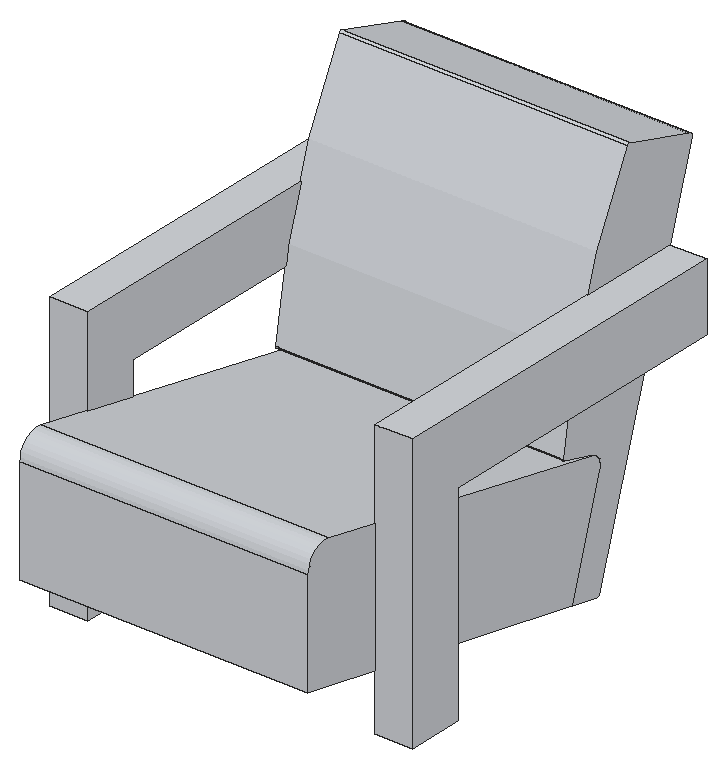
Revit family
Parameters
  Material = none
Reference planes
  plane 1 "Center (Front/Back)": y = 0
  plane 2: z = 0
  plane 3 "Center (Left/Right)": x = 0
  plane 4: z = 370
  plane 5: z = 490
  plane 6: z = 700
  plane 7: y = -850
  plane 8: x = -320
  plane 9: x = 320
  plane 10: x = -255
  plane 11: x = 255
Forms (mm)
  Extrusion 1, solid, material <- "Material"
    sketch origin (-320, 0, 0) x (0, 0, -1) y (0, -1, 0)
      loop
        line (-490, 51.209) -> (-370, 51.209) -> (-370, 602.457) -> (0, 602.457) -> (0, 701.863) -> (-490, 701.863) -> (-490, 51.209)
    from -66 to 0
  Extrusion 2, solid, material <- "Material"
    sketch origin (255, 0, 0) x (0, 0, -1) y (0, -1, 0)
      loop
        line (-490, 51.209) -> (-370, 51.209) -> (-370, 602.457) -> (0, 602.457) -> (0, 701.863) -> (-490, 701.863) -> (-490, 51.209)
    from -66 to 0
  Extrusion 3, solid, material <- "Material"
    sketch origin (0, 0, 0) x (0, 1, 0) y (0, 0, 1)
      loop
        arc (-1.542, 639.482) -> (-1.845, 643.297) -> (-4.756, 645.78) r 5
        line (-4.756, 645.78) -> (-137.401, 688.776)
        arc (-137.401, 688.776) -> (-140.731, 688.689) -> (-143.267, 686.53) r 5
        arc (-143.267, 686.53) -> (-236.833, 476.434) -> (-283.668, 251.265) r 1077.236
        arc (-283.668, 251.265) -> (-283.161, 249.28) -> (-281.498, 248.084) r 3
        line (-281.498, 248.084) -> (-220.966, 231)
        arc (-220.966, 231) -> (-205.825, 218.087) -> (-204.249, 198.249) r 26
        line (-204.249, 198.249) -> (-264.825, 11.368) -> (-211.448, 0.533)
        arc (-211.448, 0.533) -> (-209.339, 0.882) -> (-207.998, 2.548) r 3
        line (-207.998, 2.548) -> (-1.542, 639.482)
    from -255 to 255
  Extrusion 4, solid, material <- "Material"
    sketch origin (0, 0, 0) x (0, 1, 0) y (0, 0, 1)
      loop
        line (-850, 130.152) -> (-265.814, 11.561) -> (-205.201, 198.558)
        arc (-205.201, 198.558) -> (-206.715, 217.632) -> (-221.274, 230.048) r 25
        arc (-221.274, 230.048) -> (-510.4, 305.65) -> (-804.992, 355.898) r 3443.297
        arc (-804.992, 355.898) -> (-836.454, 346.215) -> (-850, 316.212) r 40
        line (-850, 316.212) -> (-850, 130.152)
    from -255 to 255
Lines and regions (mm)
  symbolic lines
    curve 1: line (-320, -51.209, 0) -> (-320, -701.863, 0)
    curve 2: line (-320, -701.863, 0) -> (-254, -701.863, 0)
    curve 3: line (-254, -701.863, 0) -> (-255, -850, 0)
    curve 4: line (-255, -850, 0) -> (255, -850, 0)
    curve 5: line (255, -850, 0) -> (255, -701.863, 0)
    curve 6: line (255, -701.863, 0) -> (321, -701.863, 0)
    curve 7: line (321, -701.863, 0) -> (321, -51.209, 0)
    curve 8: line (321, -51.209, 0) -> (255, -51.209, 0)
    curve 9: line (255, -51.209, 0) -> (255, -1.298, 0)
    curve 10: line (255, -1.298, 0) -> (-255, 0, 0)
    curve 11: line (-255, 0, 0) -> (-255, -51.209, 0)
    curve 12: line (-255, -51.209, 0) -> (-320, -51.209, 0)
    curve 13: line (-255, -51.209, 0) -> (-254, -701.863, 0)
    curve 14: line (255, -51.209, 0) -> (255, -701.863, 0)
    curve 15: line (255, -283.668, 0) -> (-254.643, -283.668, 0)
Dimensions and locks
  aligned: curve 14 to curve 15
  aligned: curve 15 to Extrusion 3
